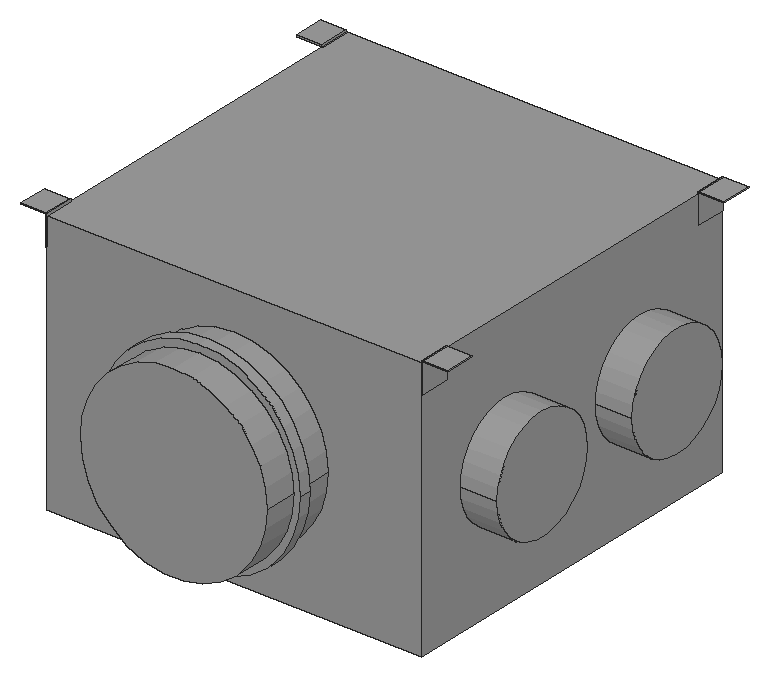
Revit family "FASU(F4-150 250Φ)", category ダクト付属品, Revit 2022
Family settings
  丸型コネクタ寸法 = 直径を使用
  パーツ タイプ = ダンパー
  OmniClass 番号 = 23.75.00.00
  OmniClass タイトル = Climate Control (HVAC)
  作業面ベース = いいえ
  常に垂直 = はい
  ロード時にボイドで切り取り = いいえ
  共有 = いいえ
Parameters
  高さ = 350 mm
  風量 = 0.0 L/s
  符号 = "FASU"
  形式 = "F4-150 250φ"
  幅 [instance] = 500 mm
  奥行き = 500 mm
  大きさ = 250 mm
  呼称 = "FASUチャンバー"
  付属品_下端レベル [instance] = 0 mm
  マテリアル [instance] = 既定値
  ダクト_イン = 250 mm
  ダクト_アウト = 150 mm
  既定の高さ = 0 mm
Reference planes
  plane 1 "中心(正面/背面)": y = 0
  plane 2: z = 0
  plane 3 "中心(左/右)": x = 0
  plane 4: x = -250
  plane 5: x = 250
  plane 6: y = -500
  plane 7: z = 350
  plane 8: z = 175
  plane 9: z = 266.963
  plane 10: z = 86.159
  plane 11: x = -125
  plane 12: x = 125
  plane 13: x = -135
  plane 14: x = 135
  plane 15: x = -251
  plane 16: z = 313.122
  plane 17: z = 352.122
  plane 18: y = -250
Forms (mm)
  Extrusion 1, solid, material "既定値" <- "マテリアル"
    sketch origin (0, 0, 0) x (1, 0, 0) y (0, 1, 0)
      loop
        line (-250, 0) -> (-250, -500) -> (250, -500) -> (250, 0) -> (-250, 0)
    from 0 to 350
  Extrusion 2, solid, material "既定値" <- "マテリアル"
    sketch origin (0, -30, 0) x (1, 0, 0) y (0, 0, 1)
      loop
        circle (0, 175) r 125
    from 470 to 512.5
  Extrusion 3, solid, material "既定値" <- "マテリアル"
    sketch origin (0, -30, 0) x (1, 0, 0) y (0, 0, 1)
      loop
        circle (0, 175) r 135
    from 512.5 to 527.5
  Extrusion 4, solid, material "既定値" <- "マテリアル"
    sketch origin (0, -117.5, 0) x (1, 0, 0) y (0, 0, 1)
      loop
        circle (0, 175) r 125
    from 440 to 482.5
  Extrusion 5, solid, material "既定値" <- "マテリアル"
    sketch origin (0, -30, 0) x (0, 1, 0) y (0, 0, 1)
      loop
        circle (-332.5, 175) r 74.985
    from -300 to -250
  Extrusion 6, solid, material "既定値" <- "マテリアル"
    sketch origin (550, -30, 0) x (0, 1, 0) y (0, 0, 1)
      loop
        circle (-332.5, 175) r 74.985
    from -300 to -250
  Extrusion 7, solid, material "既定値" <- "マテリアル"
    sketch origin (0, -30, 0) x (1, 0, 0) y (0, 1, 0)
      loop
        line (-250, 30) -> (-251, 30) -> (-251, -10) -> (-250, -10) -> (-250, 30)
    from 313.122 to 350
  Extrusion 8, solid, material "既定値" <- "マテリアル"
    sketch origin (0, -30, 0) x (1, 0, 0) y (0, 1, 0)
      loop
        line (-285, 30) -> (-285, -10) -> (-251, -10) -> (-251, 30) -> (-285, 30)
    from 352.122 to 350
  Extrusion 9, solid, material "既定値" <- "マテリアル"
    sketch origin (0, -30, 0) x (-1, 0, 0) y (0, -1, 0)
      loop
        line (-250, -30) -> (-250, 10) -> (-251, 10) -> (-251, -30) -> (-250, -30)
    from 313.122 to 353.122
  Extrusion 10, solid, material "既定値" <- "マテリアル"
    sketch origin (0, -30, 0) x (-1, 0, 0) y (0, -1, 0)
      loop
        line (-285, -30) -> (-251, -30) -> (-251, 10) -> (-285, 10) -> (-285, -30)
    from 352.122 to 353.122
  Extrusion 11, solid, material "既定値" <- "マテリアル"
    sketch origin (0, -490, 0) x (1, 0, 0) y (0, 1, 0)
      loop
        line (-285, 30) -> (-285, -10) -> (-251, -10) -> (-251, 30) -> (-285, 30)
    from 352.122 to 353.122
  Extrusion 12, solid, material "既定値" <- "マテリアル"
    sketch origin (0, -490, 0) x (1, 0, 0) y (0, 1, 0)
      loop
        line (-250, 30) -> (-251, 30) -> (-251, -10) -> (-250, -10) -> (-250, 30)
    from 313.122 to 353.122
  Extrusion 13, solid, material "既定値" <- "マテリアル"
    sketch origin (0, -490, 0) x (-1, 0, 0) y (0, -1, 0)
      loop
        line (-285, -30) -> (-251, -30) -> (-251, 10) -> (-285, 10) -> (-285, -30)
    from 352.122 to 353.122
  Extrusion 14, solid, material "既定値" <- "マテリアル"
    sketch origin (0, -490, 0) x (-1, 0, 0) y (0, -1, 0)
      loop
        line (-250, -30) -> (-250, 10) -> (-251, 10) -> (-251, -30) -> (-250, -30)
    from 313.122 to 353.122
  Extrusion 15, solid, material "既定値" <- "マテリアル"
    sketch origin (550, -470, 0) x (0, -1, 0) y (0, 0, -1)
      loop
        circle (-332.5, -175) r 74.985
    from -300 to -250
  Extrusion 16, solid, material "既定値" <- "マテリアル"
    sketch origin (-550, -470, 0) x (0, -1, 0) y (0, 0, 1)
      loop
        circle (-332.5, 175) r 74.985
    from -300 to -250
Lines and regions (mm)
  model lines
    curve 1: line (-250, -30, 0) -> (250, -30, 0)
    curve 2: line (-250, -470, 0) -> (250, -470, 0)
Text (mm)
  text "FASU(F4-150 250Φ)" at (120.822, -450.782, 0), in view "参照レベル"
Dimensions and locks
  equal spacing: plane 4, plane 3 "中心(左/右)", plane 5
  "幅": plane 4 to plane 5
  "奥行き": plane 6 to plane 1 "中心(正面/背面)"
  "高さ": plane 7 to level
  equal spacing: plane 7, plane 8, level
  equal spacing: plane 6, plane 18, plane 1 "中心(正面/背面)"
  aligned and locked: level to plane 2
  aligned and locked: Extrusion 1 sketch curve to plane 5
  aligned and locked: plane 7 to Extrusion 1
  aligned and locked: plane 4 to Extrusion 5
  aligned and locked: Extrusion 6 to plane 5
  aligned and locked: Extrusion 7 sketch curve to Extrusion 1
  aligned and locked: plane 7 to Extrusion 7
  aligned and locked: Extrusion 8 sketch curve to Extrusion 7
  aligned and locked: Extrusion 7 to Extrusion 8 sketch curve
  aligned and locked: plane 7 to Extrusion 8
  aligned and locked: Extrusion 8 to plane 17
  aligned and locked: Extrusion 9 to Extrusion 10 sketch curve
  aligned and locked: Extrusion 10 sketch curve to Extrusion 9
  aligned and locked: Extrusion 3 to Extrusion 4
  aligned and locked: Extrusion 3 to Extrusion 2
  aligned and locked: Extrusion 1 to Extrusion 13
  aligned and locked: Extrusion 11 to Extrusion 1
  aligned and locked: Extrusion 12 to Extrusion 1
  aligned and locked: Extrusion 1 to Extrusion 14
  aligned and locked: Extrusion 14 to Extrusion 13
  aligned and locked: Extrusion 12 to Extrusion 11
  aligned and locked: plane 4 to Extrusion 12
  aligned and locked: Extrusion 14 to plane 5
  aligned and locked: plane 4 to curve 1
  aligned and locked: plane 5 to curve 1
  aligned and locked: plane 5 to curve 2
  aligned and locked: plane 4 to curve 2
  aligned and locked: Extrusion 1 to Extrusion 8
  aligned and locked: Extrusion 10 to Extrusion 1
  aligned and locked: Extrusion 9 to plane 5
  aligned and locked: Extrusion 1 to plane 6
  aligned and locked: Extrusion 1 to plane 1 "中心(正面/背面)"
  aligned and locked: plane 6 to Extrusion 2
  aligned and locked: Extrusion 15 to plane 5
  aligned and locked: plane 4 to Extrusion 16
Automatic sketch dimensions
  plane 6 to curve 2 = 30 mm
  plane 1 "中心(正面/背面)" to curve 1 = 30 mm
  Extrusion 1 sketch curve to plane 4 = 0 mm
  Extrusion 1 sketch curve to plane 6 = 0 mm
  plane 1 "中心(正面/背面)" to Extrusion 1 sketch curve = 0 mm
  Extrusion 2 sketch curve to plane 3 "中心(左/右)" = 0 mm
  Extrusion 2 sketch curve to plane 8 = 0 mm
  Extrusion 3 sketch curve to plane 3 "中心(左/右)" = 0 mm
  Extrusion 3 sketch curve to plane 8 = 0 mm
  Extrusion 4 sketch curve to plane 3 "中心(左/右)" = 0 mm
  Extrusion 4 sketch curve to plane 8 = 0 mm
  Extrusion 5 sketch curve to plane 8 = 0 mm
  Extrusion 6 sketch curve to plane 8 = 0 mm
  plane 1 "中心(正面/背面)" to Extrusion 7 sketch curve = 0 mm
  Extrusion 7 sketch curve to plane 15 = 0 mm
  Extrusion 7 sketch curve to Extrusion 7 sketch curve = 40 mm
  plane 1 "中心(正面/背面)" to Extrusion 8 sketch curve = 0 mm
  Extrusion 8 sketch curve to Extrusion 8 sketch curve = 34 mm
  plane 1 "中心(正面/背面)" to Extrusion 9 sketch curve = 0 mm
  Extrusion 9 sketch curve to plane 5 = 0 mm
  Extrusion 9 sketch curve to Extrusion 9 sketch curve = 1 mm
  Extrusion 9 sketch curve to Extrusion 9 sketch curve = 40 mm
  plane 1 "中心(正面/背面)" to Extrusion 10 sketch curve = 0 mm
  Extrusion 10 sketch curve to Extrusion 10 sketch curve = 34 mm
  Extrusion 11 sketch curve to plane 6 = 0 mm
  Extrusion 11 sketch curve to plane 15 = 0 mm
  Extrusion 11 sketch curve to Extrusion 11 sketch curve = 34 mm
  Extrusion 12 sketch curve to plane 15 = 0 mm
  Extrusion 12 sketch curve to plane 4 = 0 mm
  Extrusion 12 sketch curve to plane 6 = 0 mm
  Extrusion 13 sketch curve to plane 6 = 0 mm
  Extrusion 13 sketch curve to plane 5 = 35 mm
  Extrusion 13 sketch curve to plane 5 = 1 mm
  Extrusion 14 sketch curve to plane 6 = 0 mm
  Extrusion 14 sketch curve to plane 5 = 0 mm
  Extrusion 14 sketch curve to Extrusion 14 sketch curve = 1 mm
  Extrusion 15 sketch curve to plane 8 = 0 mm
  plane 18 to Extrusion 15 sketch curve = 112.5 mm
  Extrusion 16 sketch curve to plane 8 = 0 mm
  plane 18 to Extrusion 16 sketch curve = 112.5 mm
  Extrusion 5 sketch curve to plane 18 = 112.5 mm
  Extrusion 6 sketch curve to plane 18 = 112.5 mm
  plane 6 to Extrusion 11 sketch curve = 40 mm
  plane 6 to Extrusion 12 sketch curve = 40 mm
  Extrusion 13 sketch curve to plane 6 = 40 mm
  Extrusion 14 sketch curve to plane 6 = 40 mm
  radius of Extrusion 2 sketch curve = 125 mm
  radius of Extrusion 3 sketch curve = 135 mm
  radius of Extrusion 4 sketch curve = 125 mm
  radius of Extrusion 5 sketch curve = 74.985 mm
  radius of Extrusion 6 sketch curve = 74.985 mm
  radius of Extrusion 15 sketch curve = 74.985 mm
  radius of Extrusion 16 sketch curve = 74.985 mm
Connectors
  hvac at (-300, -362.5, 175), driven by "ダクト_アウト"
    settings: on Extrusion 5, index 1, duct flow 0.0 L/s, flow factor 0, pres drop 0.0 Pa, loss coef 0, conn angle 0.00°, conn width 304.8 mm, conn height 304.8 mm, conn diameter 150 mm, duct sys type 29, conn prof type 0, flow config 0, flow direction 2, loss method 0, conn ref index -1, conn util no, is conn primary yes, conn desc ""
  hvac at (-300, -137.5, 175), driven by "ダクト_アウト"
    settings: on Extrusion 16, index 2, duct flow 0.0 L/s, flow factor 0, pres drop 0.0 Pa, loss coef 0, conn angle 0.00°, conn width 304.8 mm, conn height 304.8 mm, conn diameter 150 mm, duct sys type 29, conn prof type 0, flow config 0, flow direction 2, loss method 0, conn ref index -1, conn util no, is conn primary no, conn desc ""
  hvac at (300, -362.5, 175), driven by "ダクト_アウト"
    settings: on Extrusion 6, index 3, duct flow 0.0 L/s, flow factor 0, pres drop 0.0 Pa, loss coef 0, conn angle 0.00°, conn width 304.8 mm, conn height 304.8 mm, conn diameter 150 mm, duct sys type 29, conn prof type 0, flow config 0, flow direction 2, loss method 0, conn ref index -1, conn util no, is conn primary no, conn desc ""
  hvac at (300, -137.5, 175), driven by "ダクト_アウト"
    settings: on Extrusion 15, index 4, duct flow 0.0 L/s, flow factor 0, pres drop 0.0 Pa, loss coef 0, conn angle 0.00°, conn width 304.8 mm, conn height 304.8 mm, conn diameter 150 mm, duct sys type 29, conn prof type 0, flow config 0, flow direction 2, loss method 0, conn ref index -1, conn util no, is conn primary no, conn desc ""
  hvac at (0, -600, 175), driven by "ダクト_イン"
    settings: on Extrusion 4, index 5, duct flow 0.0 L/s, flow factor 0, pres drop 0.0 Pa, loss coef 0, conn angle 0.00°, conn width 304.8 mm, conn height 304.8 mm, conn diameter 250 mm, duct sys type 29, conn prof type 0, flow config 0, flow direction 1, loss method 0, conn ref index -1, conn util no, is conn primary no, conn desc ""
